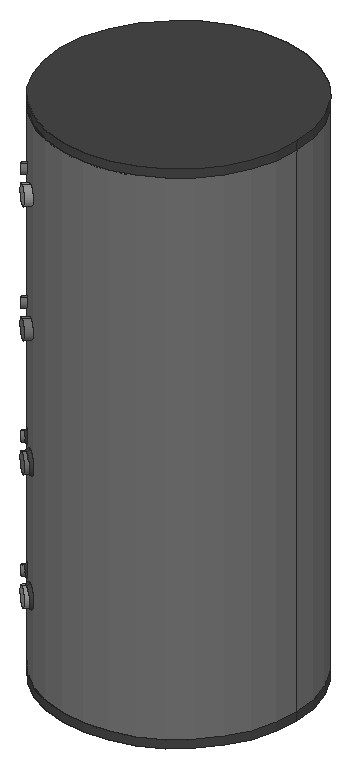
Revit family "EVAN WBI Теплоаккумулятор буферный бак 100-200 л", category Оборудование, Revit 2019
Family settings
  Размер круглого соединителя = Использовать диаметр
  Классификация = Нет
  Тип детали = Нормальный
  На основе рабочей плоскости = Нет
  Всегда вертикально = Да
  При загрузке вырезать с полостями = Нет
  Общий = Нет
  Точка расчета площади = Нет
Parameters (values of type "Теплоаккумулятор / буферный бак EVAN WBI 200")
  ТЭН [instance] = ТЭН : нет
  Серый = Серый
  Стекло = Стекло
  Пластмасса_черная = Пластмасса_черная
  Пластик_синий = Пластик_синий
  Пластик_красный = Пластик_красный
  Пластик прозрачный = Пластик_прозрачный
  Материал корпуса = "Конструкционная сталь"  # constant formula
  Диаметр2 = D / 2 - 6 mm  # 289 mm
  Диаметр1 = D / 2 - 6 mm  # 289 mm
  Высота 1 = 20 mm
  Объем, л = "200"
  База = "Бойлер косвенного нагрева напольный"
  URL = "https://www.evan.ru/products/boylery_kosvennogo_nagreva/evan-wbt/"
  N4 = 40 mm  # constant formula
  N2 = 16 mm  # constant formula
  H5 = 1101 mm
  H4 [instance] = 803 mm
  H3 = 505 mm
  H [instance] = 1290 mm
  H2 [instance] = 207 mm
  H1 [instance] = 122 mm
  G2int = 24.1 mm
  G2ext = N2 + 6 mm  # 22 mm
  G1int = 30.3 mm
  G1ext = N1 + 6 mm  # 46 mm
  Dкороба = 20 mm
  D = 590 mm
  N3 = 32 mm  # constant formula
  N1 = 40 mm  # constant formula
  D2_colp = G2ext * 1.05  # 23.1 mm
  ADSK_Примечание [instance] = ""
  ADSK_Полная мощность = 0 kW  # constant formula
  ADSK_Позиция [instance] = ""
  ADSK_Номинальная мощность = 0 W
  ADSK_Напряжение = 0 V
  ADSK_Наименование [instance] = "Теплоаккумулятор / буферный бак EVAN WBI 200"
  ADSK_Материал = Конструкционная сталь
  ADSK_Масса_Текст [instance] = ""
  ADSK_Марка [instance] = ""
  ADSK_Коэффициент мощности = 1
  ADSK_Комплект = ""
  ADSK_Количество фаз = 1
  ADSK_Код изделия [instance] = ""
  ADSK_Классификация нагрузок = Прочее
  ADSK_Завод-изготовитель [instance] = "ООО \"ЭВАН\""
  ADSK_Единица измерения [instance] = "шт."  # constant formula
Types (3, lengths in mm): name | Диаметр2 | Диаметр1 | Объем, л | H5 | H4 | H3 | H | H2 | H1 | D | ADSK_Наименование
  Теплоаккумулятор / буферный бак EVAN WBI 100 | 239 | 239 | "100" | 865 | 648 | 431 | 1037 | 214 | 124 | 490 | "Теплоаккумулятор / буферный бак EVAN WBI 100"
  Теплоаккумулятор / буферный бак EVAN WBI 160 | 289 | 289 | "160" | 856 | 640 | 423 | 1045 | 207 | 122 | 590 | "Теплоаккумулятор / буферный бак EVAN WBI 160"
  Теплоаккумулятор / буферный бак EVAN WBI 200 | 289 | 289 | "200" | 1101 | 803 | 505 | 1290 | 207 | 122 | 590 | "Теплоаккумулятор / буферный бак EVAN WBI 200"
Reference planes
  plane 1 "По центру (Вперед/Назад)": y = 0
  plane 2: z = -3
  plane 3 "По центру (Влево/Вправо)": x = 0
  plane 4: z = -3
  plane 5: z = 1267
  plane 6: z = 119
  plane 7: z = 204
  plane 8: z = 502
  plane 9: z = 17
  plane 10: x = -291
  plane 11: y = 295
  plane 12: y = -295
  plane 13: x = -115
  plane 14: x = 115
  plane 15: y = 154
  plane 16: x = -289
  plane 17: x = -311
  plane 18: y = -255.5
  plane 19: y = -297
  plane 20: y = -260.5
  plane 21: x = -301
  plane 22: y = -287
  plane 23: y = -270.5
  plane 24: y = -345
  plane 25: z = 800
  plane 26: z = 1098
  plane 27: z = 642
  plane 28: z = 1098
  plane 29: z = 204
  plane 30: z = 734
  plane 31: z = 1287
  plane 32: x = 289
  plane 33: through (-1012.249, 1175.267, 1051.556) normal (-0.866, -0.5, 0)
  plane 34: through (981.686, -1200.995, 1051.556) normal (0.6428, 0.766, 0)
  plane 35: through (981.686, 1200.995, 1051.556) normal (-0.6428, 0.766, 0)
  plane 36: through (-763.107, 1321.74, 1051.556) normal (-0.866, -0.5, 0)
  plane 37: through (1167.452, 979.608, 1051.556) normal (-0.6428, 0.766, 0)
  plane 38: through (1167.452, -979.608, 1051.556) normal (0.6428, 0.766, 0)
Forms (mm)
  Extrusion 1, solid, material "Пластмасса_черная" <- "Пластмасса_черная", detail levels medium+fine
    sketch origin (0, 0, -3) x (1, 0, 0) y (0, 1, 0)
      loop
        circle (0, 0) r 295
    from 0 to 20
  Extrusion 2, solid, material "Серый" <- "Серый", detail levels medium+fine
    sketch origin (0, 0, -3) x (1, 0, 0) y (0, 1, 0)
      loop
        circle (0, 0) r 295
    from 20 to 1270
  Extrusion 3, solid, material "Пластик_синий" <- "Пластик_синий", detail levels medium+fine
    sketch origin (0, 0, 0) x (0, 1, 0) y (0, 0, 1)
      loop
        circle (0, 119) r 23
    from -311 to -289
  Extrusion 4, solid, material "Пластмасса_черная" <- "Пластмасса_черная", detail levels medium+fine
    sketch origin (0, 0, 80.5) x (0, 1, 0) y (0, 0, 1)
      loop
        circle (0, 123.5) r 23
    from -311 to -289
  Blend 5, solid, material "Пластмасса_черная" <- "Пластмасса_черная", detail levels medium+fine
    base sketch origin (0, 49.406, -358.545) x (0, 1, 0) y (0, 0, 1)
      loop
        circle (-49.406, 562.545) r 30
    top sketch origin (0, 49.406, -358.545) x (0, 1, 0) y (0, 0, 1)
      loop
        circle (-49.406, 562.545) r 23
    from -289 to -301
  Blend 6, solid, material "Пластмасса_черная" <- "Пластмасса_черная", not visible, detail levels medium+fine
    base sketch origin (0, 0, 0) x (0, 1, 0) y (0, 0, 1)
      loop
        circle (0, 119) r 23
    top sketch origin (0, 0, 0) x (0, 1, 0) y (0, 0, 1)
      loop
        circle (0, 119) r 30
    from -301 to -289
  Extrusion 7, solid, material "Пластмасса_черная" <- "Пластмасса_черная", not visible, detail levels medium+fine
    sketch origin (0, 0, 0) x (1, 0, 0) y (0, 1, 0)
      loop
        circle (192.2, 0) r 4
    from 0 to 20
  Extrusion 8, solid, material "Пластмасса_черная" <- "Пластмасса_черная", not visible, detail levels medium+fine
    sketch origin (0, 0, 0) x (1, 0, 0) y (0, 1, 0)
      loop
        circle (192.2, 0) r 12
    from 0 to 6
  Extrusion 9, solid, material "Пластмасса_черная" <- "Пластмасса_черная", detail levels medium+fine
    sketch origin (-94.291, -1524, 1287) x (-1, 0, 0) y (0, -1, 0)
      loop
        circle (-94.291, -1524) r 295
    from 0 to -20
  Extrusion 10, solid, material "Серый" <- "Серый", detail levels medium+fine
    sketch origin (-1012.249, 1175.267, 1044.556) x (0, 0, 1) y (0.5, -0.866025, 0)
      loop
        circle (-840.556, 1524) r 11
    from -20 to 0
  Extrusion 11, solid, material "Серый" <- "Серый", detail levels medium+fine
    sketch origin (-1012.249, 1175.267, 1043.556) x (0, 0, 1) y (0.5, -0.866025, 0)
      loop
        circle (-541.556, 1524) r 11
    from -20 to 0
  Blend 12, solid, material "Пластмасса_черная" <- "Пластмасса_черная", detail levels medium+fine
    base sketch origin (-1012.249, 1175.267, 1043.556) x (0, 0, 1) y (0.5, -0.866025, 0)
      loop
        circle (-541.556, 1524) r 30
    top sketch origin (-1012.249, 1175.267, 1043.556) x (0, 0, 1) y (0.5, -0.866025, 0)
      loop
        circle (-541.556, 1524) r 11
    from 0 to -12
  Blend 13, solid, material "Пластмасса_черная" <- "Пластмасса_черная", detail levels medium+fine
    base sketch origin (-1012.249, 1175.267, 1044.556) x (0, 0, 1) y (0.5, -0.866025, 0)
      loop
        circle (-840.556, 1524) r 30
    top sketch origin (-1012.249, 1175.267, 1044.556) x (0, 0, 1) y (0.5, -0.866025, 0)
      loop
        circle (-840.556, 1524) r 11
    from 0 to -12
  Extrusion 14, solid, material "Серый" <- "Серый", detail levels medium+fine
    sketch origin (-1012.249, 1175.267, 1043.556) x (0, 0, 1) y (0.5, -0.866025, 0)
      loop
        circle (-243.556, 1524) r 11
    from -20 to 0
  Blend 15, solid, material "Пластмасса_черная" <- "Пластмасса_черная", not visible, detail levels medium+fine
    base sketch origin (-1012.249, 1175.267, 1043.556) x (0, 0, 1) y (0.5, -0.866025, 0)
      loop
        circle (-243.556, 1524) r 30
    top sketch origin (-1012.249, 1175.267, 1043.556) x (0, 0, 1) y (0.5, -0.866025, 0)
      loop
        circle (-243.556, 1524) r 11
    from 0 to -12
  Extrusion 16, solid, material "Серый" <- "Серый", detail levels medium+fine
    sketch origin (-1012.249, 1175.267, 1042.556) x (0, 0, 1) y (0.5, -0.866025, 0)
      loop
        circle (55.444, 1524) r 11
    from -20 to 0
  Blend 17, solid, material "Пластмасса_черная" <- "Пластмасса_черная", not visible, detail levels medium+fine
    base sketch origin (-1012.249, 1175.267, 1042.556) x (0, 0, 1) y (0.5, -0.866025, 0)
      loop
        circle (55.444, 1524) r 30
    top sketch origin (-1012.249, 1175.267, 1042.556) x (0, 0, 1) y (0.5, -0.866025, 0)
      loop
        circle (55.444, 1524) r 11
    from 0 to -12
  Extrusion 18, solid, material "Пластик_синий" <- "Пластик_синий", detail levels medium+fine
    sketch origin (981.686, -1200.995, 1044.556) x (0, 0, 1) y (0.766044, -0.642788, 0)
      loop
        circle (-840.556, -1524) r 23
    from -20 to 0
  Extrusion 19, solid, material "Серый" <- "Серый", detail levels medium+fine
    sketch origin (981.686, -1200.995, 1043.556) x (0, 0, 1) y (0.766044, -0.642788, 0)
      loop
        circle (-541.556, -1524) r 23
    from -20 to 0
  Blend 20, solid, material "Пластмасса_черная" <- "Пластмасса_черная", detail levels medium+fine
    base sketch origin (981.686, -1200.995, 1043.556) x (0, 0, 1) y (0.766044, -0.642788, 0)
      loop
        circle (-541.556, -1524) r 30
    top sketch origin (981.686, -1200.995, 1043.556) x (0, 0, 1) y (0.766044, -0.642788, 0)
      loop
        circle (-541.556, -1524) r 23
    from 0 to -12
  Blend 21, solid, material "Пластмасса_черная" <- "Пластмасса_черная", detail levels medium+fine
    base sketch origin (981.686, -1200.995, 1044.556) x (0, 0, 1) y (0.766044, -0.642788, 0)
      loop
        circle (-840.556, -1524) r 30
    top sketch origin (981.686, -1200.995, 1044.556) x (0, 0, 1) y (0.766044, -0.642788, 0)
      loop
        circle (-840.556, -1524) r 23
    from 0 to -12
  Extrusion 22, solid, material "Серый" <- "Серый", detail levels medium+fine
    sketch origin (981.686, -1200.995, 1043.556) x (0, 0, 1) y (0.766044, -0.642788, 0)
      loop
        circle (-243.556, -1524) r 23
    from -20 to 0
  Blend 23, solid, material "Пластмасса_черная" <- "Пластмасса_черная", not visible, detail levels medium+fine
    base sketch origin (981.686, -1200.995, 1043.556) x (0, 0, 1) y (0.766044, -0.642788, 0)
      loop
        circle (-243.556, -1524) r 30
    top sketch origin (981.686, -1200.995, 1043.556) x (0, 0, 1) y (0.766044, -0.642788, 0)
      loop
        circle (-243.556, -1524) r 23
    from 0 to -12
  Extrusion 24, solid, material "Пластик_красный" <- "Пластик_красный", detail levels medium+fine
    sketch origin (981.686, -1200.995, 1042.556) x (0, 0, 1) y (0.766044, -0.642788, 0)
      loop
        circle (55.444, -1524) r 23
    from -20 to 0
  Blend 25, solid, material "Пластмасса_черная" <- "Пластмасса_черная", not visible, detail levels medium+fine
    base sketch origin (981.686, -1200.995, 1042.556) x (0, 0, 1) y (0.766044, -0.642788, 0)
      loop
        circle (55.444, -1524) r 30
    top sketch origin (981.686, -1200.995, 1042.556) x (0, 0, 1) y (0.766044, -0.642788, 0)
      loop
        circle (55.444, -1524) r 23
    from 0 to -12
  Extrusion 26, solid, material "Пластик_синий" <- "Пластик_синий", detail levels medium+fine
    sketch origin (981.686, 1200.995, 1044.556) x (0, 0, 1) y (-0.766044, -0.642788, 0)
      loop
        circle (-840.556, 1524) r 23
    from -20 to 0
  Extrusion 27, solid, material "Серый" <- "Серый", detail levels medium+fine
    sketch origin (981.686, 1200.995, 1043.556) x (0, 0, 1) y (-0.766044, -0.642788, 0)
      loop
        circle (-541.556, 1524) r 23
    from -20 to 0
  Blend 28, solid, material "Пластмасса_черная" <- "Пластмасса_черная", detail levels medium+fine
    base sketch origin (981.686, 1200.995, 1043.556) x (0, 0, 1) y (-0.766044, -0.642788, 0)
      loop
        circle (-541.556, 1524) r 30
    top sketch origin (981.686, 1200.995, 1043.556) x (0, 0, 1) y (-0.766044, -0.642788, 0)
      loop
        circle (-541.556, 1524) r 23
    from 0 to -12
  Blend 29, solid, material "Пластмасса_черная" <- "Пластмасса_черная", detail levels medium+fine
    base sketch origin (981.686, 1200.995, 1044.556) x (0, 0, 1) y (-0.766044, -0.642788, 0)
      loop
        circle (-840.556, 1524) r 30
    top sketch origin (981.686, 1200.995, 1044.556) x (0, 0, 1) y (-0.766044, -0.642788, 0)
      loop
        circle (-840.556, 1524) r 23
    from 0 to -12
  Extrusion 30, solid, material "Серый" <- "Серый", detail levels medium+fine
    sketch origin (981.686, 1200.995, 1043.556) x (0, 0, 1) y (-0.766044, -0.642788, 0)
      loop
        circle (-243.556, 1524) r 23
    from -20 to 0
  Blend 31, solid, material "Пластмасса_черная" <- "Пластмасса_черная", not visible, detail levels medium+fine
    base sketch origin (981.686, 1200.995, 1043.556) x (0, 0, 1) y (-0.766044, -0.642788, 0)
      loop
        circle (-243.556, 1524) r 30
    top sketch origin (981.686, 1200.995, 1043.556) x (0, 0, 1) y (-0.766044, -0.642788, 0)
      loop
        circle (-243.556, 1524) r 23
    from 0 to -12
  Extrusion 32, solid, material "Пластик_красный" <- "Пластик_красный", detail levels medium+fine
    sketch origin (981.686, 1200.995, 1042.556) x (0, 0, 1) y (-0.766044, -0.642788, 0)
      loop
        circle (55.444, 1524) r 23
    from -20 to 0
  Blend 33, solid, material "Пластмасса_черная" <- "Пластмасса_черная", not visible, detail levels medium+fine
    base sketch origin (981.686, 1200.995, 1042.556) x (0, 0, 1) y (-0.766044, -0.642788, 0)
      loop
        circle (55.444, 1524) r 30
    top sketch origin (981.686, 1200.995, 1042.556) x (0, 0, 1) y (-0.766044, -0.642788, 0)
      loop
        circle (55.444, 1524) r 23
    from 0 to -12
  Extrusion 34, solid, material "Пластик_прозрачный" <- "Пластик прозрачный", detail levels medium+fine
    sketch origin (-289, 1524, 1042.556) x (0, 0, 1) y (0, -1, 0)
      loop
        circle (55.444, 1524) r 25
      loop
        line (135.23, 1471.5) -> (135.23, 1576.5) -> (90.23, 1576.5) -> (90.23, 1471.5) -> (135.23, 1471.5)
      loop
        line (123.777, 1509.168) -> (123.777, 1519.168)
        arc (123.777, 1519.168) -> (119.172, 1523.773) -> (114.567, 1519.168) r 4.605
        arc (114.567, 1519.168) -> (109.172, 1524.563) -> (103.777, 1519.168) r 5.395
        line (103.777, 1519.168) -> (103.777, 1509.168) -> (123.777, 1509.168)
      loop
        line (121.428, 1511.587) -> (121.428, 1518.071)
        arc (121.428, 1518.071) -> (118.573, 1520.926) -> (115.719, 1518.071) r 2.855
        line (115.719, 1518.071) -> (115.719, 1511.587) -> (121.428, 1511.587)
      loop
        line (113.07, 1511.587) -> (113.07, 1517.962)
        arc (113.07, 1517.962) -> (109.664, 1521.368) -> (106.259, 1517.962) r 3.406
        line (106.259, 1517.962) -> (106.259, 1511.587) -> (113.07, 1511.587)
      loop
        line (120.978, 1488.585) -> (119.177, 1490.386)
        arc (119.177, 1490.386) -> (120.897, 1497.728) -> (115.329, 1502.814) r 7.454
        line (115.329, 1502.814) -> (115.329, 1495.587) -> (113.07, 1495.587) -> (113.07, 1502.944)
        arc (113.07, 1502.944) -> (106.733, 1497.959) -> (108.639, 1490.124) r 7.454
        line (108.639, 1490.124) -> (106.838, 1488.323)
        arc (106.838, 1488.323) -> (113.592, 1505.522) -> (120.978, 1488.585) r 10
      loop
        line (103.777, 1525.421) -> (123.777, 1533.098) -> (123.777, 1535.485) -> (103.777, 1543.566) -> (103.777, 1540.784) -> (109.998, 1538.271) -> (109.998, 1530.532) -> (103.777, 1528.145) -> (103.777, 1525.421)
      loop
        line (112.518, 1531.5) -> (119.82, 1534.303) -> (112.518, 1537.253) -> (112.518, 1531.5)
      loop
        line (123.777, 1546.188) -> (123.777, 1548.648) -> (115.719, 1548.648) -> (115.719, 1559.315) -> (123.777, 1559.315) -> (123.777, 1561.816) -> (103.777, 1561.816) -> (103.777, 1559.315) -> (113.143, 1559.315) -> (113.143, 1548.648) -> (103.777, 1548.648) -> (103.777, 1546.188) -> (123.777, 1546.188)
      loop
        line (55.777, 1523.667) -> (69.919, 1537.809) -> (69.253, 1538.475) -> (55.111, 1524.333) -> (55.777, 1523.667)
      loop
        circle (77.056, 1523.977) r 1.034
      loop
        circle (33.832, 1523.977) r 1.034
      loop
        circle (55.421, 1545.612) r 1.034
      loop
        circle (55.421, 1502.388) r 1.034
      loop
        circle (74.149, 1513.175) r 1.034
      loop
        circle (36.716, 1534.786) r 1.034
      loop
        circle (66.23, 1542.728) r 1.034
      loop
        circle (44.619, 1505.295) r 1.034
      loop
        circle (74.149, 1534.825) r 1.034
      loop
        circle (36.716, 1513.214) r 1.034
      loop
        circle (66.23, 1505.272) r 1.034
      loop
        circle (44.619, 1542.705) r 1.034
    from -10 to 0
Lines and regions (mm)
  reference lines
    curve 1: circle (0, 0, -3) r 192.2 normal (0, 0, 1)
    curve 2: circle (0, 0, -3) r 142.2 normal (0, 0, 1)
Dimensions and locks
  "H1": plane 6 to level
  "Высота 1": plane 9 to plane 4
  equal spacing: plane 11, plane 1 "По центру (Вперед/Назад)", plane 12
  "D": plane 11 to plane 12
  equal spacing: plane 13, plane 3 "По центру (Влево/Вправо)", plane 14
  plane 13 to plane 14 = 230 mm
  plane 1 "По центру (Вперед/Назад)" to plane 15 = 154 mm
  locked: plane 10 to plane 16 at 2
  locked: plane 17 to plane 10 at 20
  plane 12 to plane 19 = 2 mm
  equal spacing: plane 17, plane 21, plane 10
  locked: plane 22 to plane 12 at 8
  equal spacing: plane 5, plane 27, plane 9
  level to plane 25 = 803 mm
  level to plane 26 = 1101 mm
  "H": level to plane 31
  "H2": level to plane 29
  "Высота 1": plane 31 to plane 5
  "Диаметр1": plane 3 "По центру (Влево/Вправо)" to plane 32
  "Диаметр2": plane 16 to plane 3 "По центру (Влево/Вправо)"
  Blend 6 sketch curve to plane 6 = 30 mm
  "Диаметр1": plane 37 to plane 35
  "Диаметр1": plane 36 to plane 33
  "Диаметр1": plane 38 to plane 34
  Extrusion 9 to Extrusion 9 = 590 mm
  "H3": plane 8 to level
  "H2": plane 7 to level
  "H4": plane 25 to level
  "H5": plane 26 to level
  "H5": plane 28 to level
  "D": diameter of Extrusion 1 sketch curve
  "D": diameter of Extrusion 2 sketch curve
  "G1ext": diameter of Extrusion 3 sketch curve
  "G1ext": diameter of Extrusion 4 sketch curve
  "G1ext": diameter of Blend 5 sketch curve
  "G1ext": diameter of Blend 6 sketch curve
  "D": diameter of Extrusion 9 sketch curve
  "G2ext": diameter of Extrusion 10 sketch curve
  "G2ext": diameter of Extrusion 11 sketch curve
  "G2ext": diameter of Blend 12 sketch curve
  "G2ext": diameter of Blend 13 sketch curve
  "G2ext": diameter of Extrusion 14 sketch curve
  "G2ext": diameter of Blend 15 sketch curve
  "G2ext": diameter of Extrusion 16 sketch curve
  "G2ext": diameter of Blend 17 sketch curve
  "G1ext": diameter of Extrusion 18 sketch curve
  "G1ext": diameter of Extrusion 19 sketch curve
  "G1ext": diameter of Blend 20 sketch curve
  "G1ext": diameter of Blend 21 sketch curve
  "G1ext": diameter of Extrusion 22 sketch curve
  "G1ext": diameter of Blend 23 sketch curve
  "G1ext": diameter of Extrusion 24 sketch curve
  "G1ext": diameter of Blend 25 sketch curve
  "G1ext": diameter of Extrusion 26 sketch curve
  "G1ext": diameter of Extrusion 27 sketch curve
  "G1ext": diameter of Blend 28 sketch curve
  "G1ext": diameter of Blend 29 sketch curve
  "G1ext": diameter of Extrusion 30 sketch curve
  "G1ext": diameter of Blend 31 sketch curve
  "G1ext": diameter of Extrusion 32 sketch curve
  "G1ext": diameter of Blend 33 sketch curve
  aligned and locked: Extrusion 1 to plane 4
  aligned and locked: plane 9 to Extrusion 1
  aligned and locked: plane 5 to Extrusion 2
  aligned and locked: Extrusion 2 to plane 9
  aligned and locked: plane 16 to Extrusion 3
  aligned and locked: Extrusion 3 to plane 17
  aligned and locked: plane 6 to Extrusion 3 sketch curve
  aligned and locked: plane 1 "По центру (Вперед/Назад)" to Extrusion 3 sketch curve
  aligned and locked: plane 7 to Extrusion 4 sketch curve
  aligned and locked: plane 1 "По центру (Вперед/Назад)" to Extrusion 4 sketch curve
  aligned and locked: plane 16 to Extrusion 4
  aligned and locked: Extrusion 4 to plane 17
  aligned and locked: plane 1 "По центру (Вперед/Назад)" to Blend 5 sketch curve  (x2)
  aligned and locked: plane 7 to Blend 5 sketch curve  (x2)
  aligned and locked: plane 16 to Blend 5
  aligned and locked: Blend 5 to plane 21
  aligned and locked: plane 6 to Blend 6 sketch curve  (x2)
  aligned and locked: plane 1 "По центру (Вперед/Назад)" to Blend 6 sketch curve  (x2)
  aligned and locked: Blend 6 to plane 16
  aligned and locked: Blend 6 to plane 21
  aligned and locked: Extrusion 10 to plane 33
  aligned and locked: Extrusion 11 to plane 33
  aligned and locked: Blend 13 to plane 33
  aligned and locked: Extrusion 14 to plane 33
  aligned and locked: Blend 15 to plane 33
  aligned and locked: Extrusion 16 to plane 33
  aligned and locked: Blend 17 to plane 33
  aligned and locked: plane 34 to Extrusion 18
  aligned and locked: plane 34 to Extrusion 19
  aligned and locked: plane 34 to Blend 21
  aligned and locked: plane 34 to Extrusion 22
  aligned and locked: plane 34 to Blend 23
  aligned and locked: plane 34 to Extrusion 24
  aligned and locked: plane 34 to Blend 25
  aligned and locked: Extrusion 26 to plane 35
  aligned and locked: Extrusion 27 to plane 35
  aligned and locked: Blend 29 to plane 35
  aligned and locked: Extrusion 30 to plane 35
  aligned and locked: Blend 31 to plane 35
  aligned and locked: Extrusion 32 to plane 35
  aligned and locked: Blend 33 to plane 35
Automatic sketch dimensions
  curve 1 to curve 2 = 0 mm  (x2)
  plane 1 "По центру (Вперед/Назад)" to curve 2 = 0 mm
  curve 2 to plane 3 "По центру (Влево/Вправо)" = 0 mm
  Extrusion 34 sketch curve to Extrusion 34 sketch curve = 0 mm  (x10)
  Extrusion 34 sketch curve to plane 1 "По центру (Вперед/Назад)" = 0 mm
  Extrusion 34 sketch curve to plane 26 = 0 mm
  Extrusion 34 sketch curve to plane 26 = 0.023 mm  (x2)
  Extrusion 34 sketch curve to plane 26 = 0.333 mm
  Extrusion 34 sketch curve to plane 26 = 10.825 mm  (x2)
  Extrusion 34 sketch curve to Extrusion 34 sketch curve = 7.902 mm  (x2)
  Extrusion 34 sketch curve to plane 1 "По центру (Вперед/Назад)" = 0.023 mm  (x2)
  Extrusion 34 sketch curve to Extrusion 34 sketch curve = 2.884 mm  (x3)
  plane 26 to Extrusion 34 sketch curve = 0.333 mm
  plane 26 to Extrusion 34 sketch curve = 10.786 mm  (x2)
  Extrusion 34 sketch curve to Extrusion 34 sketch curve = 3.023 mm
  Extrusion 34 sketch curve to Extrusion 34 sketch curve = 7.919 mm  (x2)
  Extrusion 34 sketch curve to Extrusion 34 sketch curve = 4.23 mm
  Extrusion 34 sketch curve to Extrusion 34 sketch curve = 2.907 mm  (x2)
  plane 26 to Extrusion 34 sketch curve = 34.786 mm
  plane 1 "По центру (Вперед/Назад)" to Extrusion 34 sketch curve = 19.566 mm
  Extrusion 34 sketch curve to Extrusion 34 sketch curve = 29.628 mm
  Extrusion 34 sketch curve to plane 1 "По центру (Вперед/Назад)" = 4.832 mm
  plane 1 "По центру (Вперед/Назад)" to Extrusion 34 sketch curve = 1.421 mm
  Extrusion 34 sketch curve to Extrusion 34 sketch curve = 2.482 mm
  Extrusion 34 sketch curve to Extrusion 34 sketch curve = 3.061 mm
  Extrusion 34 sketch curve to Extrusion 34 sketch curve = 1.801 mm  (x3)
  Extrusion 34 sketch curve to Extrusion 34 sketch curve = 2.913 mm
  Extrusion 34 sketch curve to Extrusion 34 sketch curve = 0.492 mm
  Extrusion 34 sketch curve to Extrusion 34 sketch curve = 6.221 mm
  plane 1 "По центру (Вперед/Назад)" to Extrusion 34 sketch curve = 7.5 mm
  Extrusion 34 sketch curve to Extrusion 34 sketch curve = 2.52 mm
  Extrusion 34 sketch curve to Extrusion 34 sketch curve = 4.431 mm
  Extrusion 34 sketch curve to Extrusion 34 sketch curve = 9.365 mm
  Extrusion 34 sketch curve to Extrusion 34 sketch curve = 0.707 mm
  Extrusion 34 sketch curve to Extrusion 34 sketch curve = 1.552 mm
  Extrusion 34 sketch curve to Extrusion 34 sketch curve = 2.576 mm
  Extrusion 34 sketch curve to Extrusion 34 sketch curve = 2.649 mm
  Extrusion 34 sketch curve to Extrusion 34 sketch curve = 2.855 mm
  Extrusion 34 sketch curve to Extrusion 34 sketch curve = 0.599 mm
  Extrusion 34 sketch curve to plane 1 "По центру (Вперед/Назад)" = 33.614 mm
  Extrusion 34 sketch curve to Extrusion 34 sketch curve = 3.848 mm
  plane 1 "По центру (Вперед/Назад)" to Extrusion 34 sketch curve = 10.303 mm
  Extrusion 34 sketch curve to Extrusion 34 sketch curve = 7.302 mm
  Extrusion 34 sketch curve to plane 1 "По центру (Вперед/Назад)" = 35.415 mm
  Extrusion 34 sketch curve to Extrusion 34 sketch curve = 8.059 mm  (x2)
  Extrusion 34 sketch curve to Extrusion 34 sketch curve = 2.349 mm
  Extrusion 34 sketch curve to Extrusion 34 sketch curve = 3.958 mm
  Extrusion 34 sketch curve to Extrusion 34 sketch curve = 14.252 mm
  Extrusion 34 sketch curve to Extrusion 34 sketch curve = 2.063 mm
  Extrusion 34 sketch curve to Extrusion 34 sketch curve = 16.823 mm
  Extrusion 34 sketch curve to Extrusion 34 sketch curve = 0.064 mm
  Extrusion 34 sketch curve to plane 1 "По центру (Вперед/Назад)" = 21.612 mm
  Extrusion 34 sketch curve to Extrusion 34 sketch curve = 10 mm
  Extrusion 34 sketch curve to Extrusion 34 sketch curve = 2.419 mm  (x2)
  Extrusion 34 sketch curve to plane 1 "По центру (Вперед/Назад)" = 10.825 mm
  Extrusion 34 sketch curve to plane 1 "По центру (Вперед/Назад)" = 10.786 mm
  Extrusion 34 sketch curve to Extrusion 34 sketch curve = 1.206 mm
  Extrusion 34 sketch curve to Extrusion 34 sketch curve = 1.097 mm
  Extrusion 34 sketch curve to plane 1 "По центру (Вперед/Назад)" = 0.333 mm
  plane 1 "По центру (Вперед/Назад)" to Extrusion 34 sketch curve = 0.333 mm
  Extrusion 34 sketch curve to Extrusion 34 sketch curve = 2.724 mm
  Extrusion 34 sketch curve to Extrusion 34 sketch curve = 0.967 mm
  Extrusion 34 sketch curve to Extrusion 34 sketch curve = 1.205 mm
  plane 1 "По центру (Вперед/Назад)" to Extrusion 34 sketch curve = 10.786 mm
  Extrusion 34 sketch curve to Extrusion 34 sketch curve = 2.983 mm
  Extrusion 34 sketch curve to Extrusion 34 sketch curve = 2.388 mm
  Extrusion 34 sketch curve to Extrusion 34 sketch curve = 5.753 mm
  Extrusion 34 sketch curve to Extrusion 34 sketch curve = 1.018 mm
  Extrusion 34 sketch curve to Extrusion 34 sketch curve = 2.782 mm
  Extrusion 34 sketch curve to Extrusion 34 sketch curve = 4.252 mm
  Extrusion 34 sketch curve to Extrusion 34 sketch curve = 2.621 mm
  Extrusion 34 sketch curve to Extrusion 34 sketch curve = 2.46 mm  (x2)
  Extrusion 34 sketch curve to Extrusion 34 sketch curve = 10.667 mm  (x2)
  Extrusion 34 sketch curve to Extrusion 34 sketch curve = 2.502 mm
  Extrusion 34 sketch curve to Extrusion 34 sketch curve = 14.684 mm
  plane 1 "По центру (Вперед/Назад)" to Extrusion 1 sketch curve = 0 mm
  Extrusion 1 sketch curve to plane 3 "По центру (Влево/Вправо)" = 0 mm
  plane 1 "По центру (Вперед/Назад)" to Extrusion 2 sketch curve = 0 mm
  Extrusion 2 sketch curve to plane 3 "По центру (Влево/Вправо)" = 0 mm
  plane 1 "По центру (Вперед/Назад)" to Extrusion 9 sketch curve = 0 mm
  Extrusion 9 sketch curve to plane 3 "По центру (Влево/Вправо)" = 0 mm
  plane 8 to Blend 12 sketch curve = 0 mm  (x2)
  plane 26 to Blend 17 sketch curve = 0 mm  (x2)
  plane 25 to Blend 15 sketch curve = 0 mm  (x2)
  plane 7 to Blend 13 sketch curve = 0 mm  (x2)
  plane 26 to Extrusion 16 sketch curve = 0 mm
  plane 25 to Extrusion 14 sketch curve = 0 mm
  plane 8 to Extrusion 11 sketch curve = 0 mm
  plane 7 to Extrusion 10 sketch curve = 0 mm
  plane 8 to Blend 20 sketch curve = 0 mm  (x2)
  plane 7 to Blend 21 sketch curve = 0 mm  (x2)
  plane 25 to Blend 23 sketch curve = 0 mm  (x2)
  plane 26 to Blend 25 sketch curve = 0 mm  (x2)
  plane 7 to Extrusion 18 sketch curve = 0 mm
  plane 8 to Extrusion 19 sketch curve = 0 mm
  plane 25 to Extrusion 22 sketch curve = 0 mm
  plane 26 to Extrusion 24 sketch curve = 0 mm
  Blend 28 sketch curve to plane 8 = 0 mm  (x2)
  Blend 29 sketch curve to plane 7 = 0 mm  (x2)
  Blend 31 sketch curve to plane 25 = 0 mm  (x2)
  Blend 33 sketch curve to plane 26 = 0 mm  (x2)
  Extrusion 26 sketch curve to plane 7 = 0 mm
  Extrusion 27 sketch curve to plane 8 = 0 mm
  Extrusion 30 sketch curve to plane 25 = 0 mm
  Extrusion 32 sketch curve to plane 26 = 0 mm
  radius of Extrusion 7 sketch curve = 4 mm
  radius of Extrusion 8 sketch curve = 12 mm
  radius of curve 1 = 192.2 mm
  radius of curve 2 = 142.2 mm
  radius of Blend 5 sketch curve = 30 mm
  radius of Extrusion 34 sketch curve = 25 mm
  radius of Extrusion 34 sketch curve = 1.034 mm  (x12)
  radius of Blend 12 sketch curve = 30 mm
  radius of Blend 17 sketch curve = 30 mm
  radius of Blend 15 sketch curve = 30 mm
  radius of Blend 13 sketch curve = 30 mm
  radius of Blend 20 sketch curve = 30 mm
  radius of Blend 21 sketch curve = 30 mm
  radius of Blend 23 sketch curve = 30 mm
  radius of Blend 25 sketch curve = 30 mm
  radius of Blend 28 sketch curve = 30 mm
  radius of Blend 29 sketch curve = 30 mm
  radius of Blend 31 sketch curve = 30 mm
  radius of Blend 33 sketch curve = 30 mm
Nested families
  nested 1: "ТЭН" at (-69.089, 239.448, 1267), ADSK_Комплект <- "ADSK_Код изделия", type <- "ТЭН", type "нет", detail levels coarse
    with ADSK_Комплект ""
Connectors
  piping at (-311, 0, 119), diameter 32, driven by "N3"
    settings: on Extrusion 3, index 3, connector inside diameter 609.6 mm, connector length 0 mm, flow factor 0, pipe flow 0.0 L/s, pressure drop 0.0 Pa, fitting loss kfactor 0, connector angle 0.00°, fixture units 0, engagement length 0 mm, angle of deflection 0.00°, flow configuration 0, flow direction 1, fitting loss method 0, system type 22, joint type 0, gender type 0, connector reference index -1, connector utility 0, adjustable connector no, is connector primary yes, connector description ""
  piping at (-198.621, 236.708, 204), diameter 40, driven by "N1"
    settings: on Extrusion 26, index 5, connector inside diameter 609.6 mm, connector length 0 mm, flow factor 0, pipe flow 0.0 L/s, pressure drop 0.0 Pa, fitting loss kfactor 0, connector angle 0.00°, fixture units 0, engagement length 0 mm, angle of deflection 0.00°, flow configuration 0, flow direction 0, fitting loss method 0, system type 7, joint type 0, gender type 0, connector reference index -1, connector utility 0, adjustable connector no, is connector primary no, connector description ""
  piping at (-198.621, 236.708, 204), diameter 40, driven by "N1"
    settings: on Extrusion 26, index 6, connector inside diameter 609.6 mm, connector length 0 mm, flow factor 0, pipe flow 0.0 L/s, pressure drop 0.0 Pa, fitting loss kfactor 0, connector angle 0.00°, fixture units 0, engagement length 0 mm, angle of deflection 0.00°, flow configuration 0, flow direction 0, fitting loss method 0, system type 8, joint type 0, gender type 0, connector reference index -1, connector utility 0, adjustable connector no, is connector primary no, connector description ""
  piping at (-198.621, 236.708, 502), diameter 40, driven by "N1"
    settings: on Extrusion 27, index 7, connector inside diameter 609.6 mm, connector length 0 mm, flow factor 0, pipe flow 0.0 L/s, pressure drop 0.0 Pa, fitting loss kfactor 0, connector angle 0.00°, fixture units 0, engagement length 0 mm, angle of deflection 0.00°, flow configuration 0, flow direction 0, fitting loss method 0, system type 8, joint type 0, gender type 0, connector reference index -1, connector utility 0, adjustable connector no, is connector primary no, connector description ""
  piping at (-198.621, 236.708, 800), diameter 40, driven by "N1"
    settings: on Extrusion 30, index 8, connector inside diameter 609.6 mm, connector length 0 mm, flow factor 0, pipe flow 0.0 L/s, pressure drop 0.0 Pa, fitting loss kfactor 0, connector angle 0.00°, fixture units 0, engagement length 0 mm, angle of deflection 0.00°, flow configuration 0, flow direction 0, fitting loss method 0, system type 7, joint type 0, gender type 0, connector reference index -1, connector utility 0, adjustable connector no, is connector primary no, connector description ""
  piping at (-198.621, 236.708, 1098), diameter 40, driven by "N1"
    settings: on Extrusion 32, index 9, connector inside diameter 609.6 mm, connector length 0 mm, flow factor 0, pipe flow 0.0 L/s, pressure drop 0.0 Pa, fitting loss kfactor 0, connector angle 0.00°, fixture units 0, engagement length 0 mm, angle of deflection 0.00°, flow configuration 0, flow direction 0, fitting loss method 0, system type 7, joint type 0, gender type 0, connector reference index -1, connector utility 0, adjustable connector no, is connector primary no, connector description ""
  piping at (-198.621, -236.708, 1098), diameter 40, driven by "N1"
    settings: on Extrusion 24, index 10, connector inside diameter 609.6 mm, connector length 0 mm, flow factor 0, pipe flow 0.0 L/s, pressure drop 0.0 Pa, fitting loss kfactor 0, connector angle 0.00°, fixture units 0, engagement length 0 mm, angle of deflection 0.00°, flow configuration 0, flow direction 0, fitting loss method 0, system type 7, joint type 0, gender type 0, connector reference index -1, connector utility 0, adjustable connector no, is connector primary no, connector description ""
  piping at (-198.621, -236.708, 800), diameter 40, driven by "N1"
    settings: on Extrusion 22, index 11, connector inside diameter 609.6 mm, connector length 0 mm, flow factor 0, pipe flow 0.0 L/s, pressure drop 0.0 Pa, fitting loss kfactor 0, connector angle 0.00°, fixture units 0, engagement length 0 mm, angle of deflection 0.00°, flow configuration 0, flow direction 0, fitting loss method 0, system type 7, joint type 0, gender type 0, connector reference index -1, connector utility 0, adjustable connector no, is connector primary no, connector description ""
  piping at (-198.621, -236.708, 502), diameter 40, driven by "N1"
    settings: on Extrusion 19, index 15, connector inside diameter 609.6 mm, connector length 0 mm, flow factor 0, pipe flow 0.0 L/s, pressure drop 0.0 Pa, fitting loss kfactor 0, connector angle 0.00°, fixture units 0, engagement length 0 mm, angle of deflection 0.00°, flow configuration 0, flow direction 0, fitting loss method 0, system type 8, joint type 0, gender type 0, connector reference index -1, connector utility 0, adjustable connector no, is connector primary no, connector description ""
  piping at (-198.621, -236.708, 204), diameter 40, driven by "N1"
    settings: on Extrusion 18, index 16, connector inside diameter 609.6 mm, connector length 0 mm, flow factor 0, pipe flow 0.0 L/s, pressure drop 0.0 Pa, fitting loss kfactor 0, connector angle 0.00°, fixture units 0, engagement length 0 mm, angle of deflection 0.00°, flow configuration 0, flow direction 0, fitting loss method 0, system type 8, joint type 0, gender type 0, connector reference index -1, connector utility 0, adjustable connector no, is connector primary no, connector description ""
Definition of nested family "ТЭН"
  Parameters (values of type "нет")
    Default Elevation = 1219.2 mm
    ADSK_Примечание = ""
    ADSK_Позиция = ""
    ADSK_Номинальная мощность = 0 W
    ADSK_Наименование = "Отсутствует"
    ADSK_Масса_Текст = ""
    ADSK_Марка = ""
    ADSK_Комплект [instance] = ""
    ADSK_Код изделия = "Отсутствует"
    ADSK_Завод-изготовитель = ""
    ADSK_Единица измерения = "шт."  # constant formula
  Types (5, lengths in mm): name | ADSK_Номинальная мощность | ADSK_Наименование | ADSK_Код изделия
    ТЭН 3 кВт, 6/4″,220В, L390 | 3000 W | "ТЭН 3 кВт, 6/4″,220В, L390" | "2419991045"
    ТЭН 2 кВт, 6/4″,220В, L390 | 2000 W | "ТЭН 2 кВт, 6/4″,220В, L390" | "2419991067"
    Сухой ТЭН 2,4 кВт, 220B | 2400 W | "Сухой ТЭН 2,4 кВт, 220B" | "6104550263"
    ТЭН 2,4 кВт, 220B | 2400 W | "ТЭН 2,4 кВт, 220B" | "6104550188"
    нет | 0 W | "Отсутствует" | "Отсутствует"
  Reference planes
    plane 1 "По центру (Вперед/Назад)": y = 0
    plane 2: z = 0
    plane 3 "По центру (Влево/Вправо)": x = 0
  Forms (mm)
    Extrusion 1, solid
      sketch origin (0, 0, 0) x (1, 0, 0) y (0, 1, 0)
        loop
          circle (0, 0) r 0.5
      from 0 to 1
  Dimensions and locks
    aligned and locked: level to plane 2
